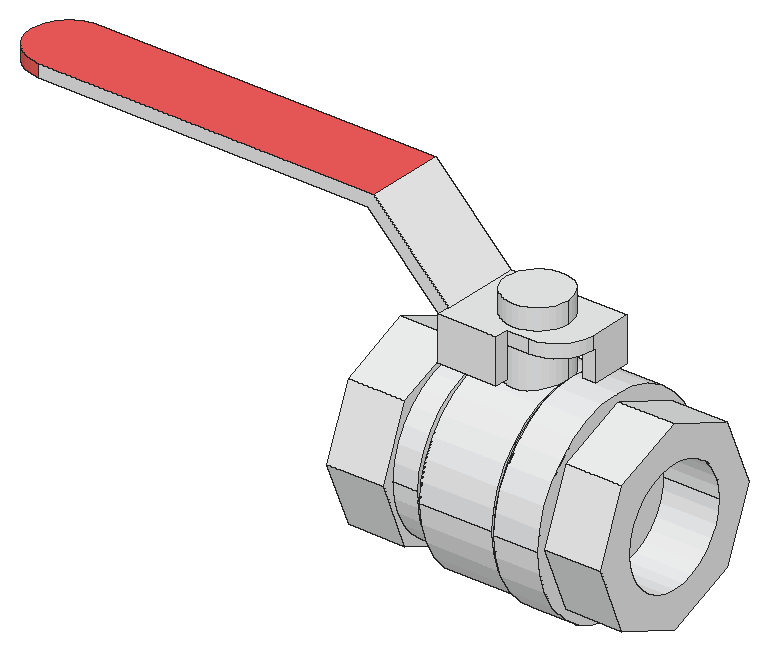
Revit family "Valvula_DeControl_DeBola_TipoPalanca_Grival", category Pipe Accessories, Revit 2020
Family settings
  Round Connector Dimension = Use Diameter
  Part Type = Valve - Breaks Into
  OmniClass Number = 23.27.31.15
  OmniClass Title = Ball Valves
  Work Plane-Based = No
  Always vertical = No
  Cut with Voids When Loaded = No
  Shared = No
Parameters (values of type "797010001 (3/4")")
  Vida útil = "5.000 ciclos a 138 kPa"  # constant formula
  built-in parameter 1114242 [instance] = 1
  URL = ""
  Temperatura de uso = "De 4° C A 16° C (40° F y 61° F)"  # constant formula
  SKU = "797010001"
  Type Comments = ""
  StemDia = 12 mm
  Recubrimientos = "Resistente a la corrosión, pelado y decoloración por agua.\r\nResistente al efecto de jabones y limpiadores de tocador.\r\nRecubrimientos no tóxico.\r\nCondición de servicio recomendada, uso doméstico e institucional."  # constant formula
  Presión de servicio = "Presión de trabajo manométrica máxima del agua 3000 kPa\r\n(345 psi) Presión mínima recomendada 138 kPa (20 psi)."  # constant formula
  Material 2 = Corona_Bronce Rojo
  Material = Corona_Aluminio
  Fecha de creación = "12/03/2021"  # constant formula
  Default Elevation = 0 mm
  DN = DN_2  # 22 mm
  OctAF = OCTAF  # 33 mm
  Creado por = "BIMBAU"  # constant formula
  B = 11 mm
  DN_2 = 22 mm
  OCTAF = 33 mm
  Model = "Válvula Bola Manija Palanca"  # constant formula
  Manufacturer = "Grival"  # constant formula
  Keynote = ""
  Ancho_M = 15 mm
  Espesor_M = 2.5 mm
  M5 = 1 mm
  M4 = 7.5 mm
  M2 = 22.5 mm
  Alto_M = 98 mm
  Alto = 17 mm
  DN_ = DN  # 22 mm
  H = 42.5 mm
  Description = "Para trabajo pesado, presión de trabajo manométrica máxima: 435 PSI"  # constant formula
  Ø Pequeño = 31.5 mm
  Ø_Medio = 37 mm
  L = 53 mm
  Ancho 2D = 38.5 mm
  Ancho_3 = 10 mm
  Ancho_Centro a Tuerca = 15.5 mm
  Ancho_2 = 6 mm
  Alto_3 = Alto_2 - 5 mm  # 23 mm
  Alto_2 = 28 mm
  Assembly Code = ""
Types (7, lengths in mm): name | SKU | StemDia | Material | DN | OctAF | B | DN_2 | OCTAF | Ancho_M | Espesor_M | M5 | M4 | M2 | Alto_M | Alto | DN_ | H | Ø Pequeño | Ø_Medio | L | Ancho 2D | Ancho_3 | Ancho_Centro a Tuerca | Ancho_2 | Alto_3 | Alto_2
  (no name) | "797010001" | 12 | Corona_Aluminio | 22 | 33 | 11 | 22 | 33 | 15 | 2.5 | 1 | 7.5 | 22.5 | 98 | 17 | 22 | 42.5 | 31.5 | 37 | 53 | 38.5 | 10 | 15.5 | 6 | 23 | 28
  797000001 (1/2") | "797000001" | 12 | Corona_Bronce | 15 | 26 | 10.6 | 15 | 26 | 15 | 2.5 | 5 | 7.5 | 22.5 | 98 | 17 | 15 | 39.5 | 24.5 | 28.5 | 47 | 30.5 | 8.5 | 13 | 4 | 19 | 24
  797010001 (3/4") | "797010001" | 12 | Corona_Aluminio | 22 | 33 | 11 | 22 | 33 | 15 | 2.5 | 1 | 7.5 | 22.5 | 98 | 17 | 22 | 42.5 | 31.5 | 37 | 53 | 38.5 | 10 | 15.5 | 6 | 23 | 28
  797020001 (1") | "797020001" | 12 | Corona_Bronce | 28 | 40 | 15 | 28 | 40 | 20.5 | 3.5 | 1 | 10.25 | 29.5 | 131 | 24 | 28 | 56 | 39 | 43.5 | 65 | 46.5 | 11.9 | 17.5 | 6.7 | 28.8 | 33.8
  797030001 (1 1/4") | "797030001" | 14 | Corona_Bronce | 35 | 50 | 14.5 | 35 | 50 | 20.5 | 3.5 | 1 | 10.25 | 29.5 | 131 | 24 | 35 | 62.5 | 47 | 56 | 73 | 58 | 15 | 22 | 10 | 33.7 | 38.7
  797040001 (1 1/2") | "797040001" | 19 | Corona_Bronce | 42 | 56 | 15.2 | 42 | 56 | 25 | 3.5 | 1 | 12.5 | 33 | 162 | 23 | 42 | 67 | 55 | 64 | 71 | 60 | 16.5 | 25.5 | 6.7 | 40.5 | 45.5
  797050001 (2") | "797050001" | 19 | Corona_Bronce | 54 | 67 | 16.8 | 54 | 67 | 25 | 3.5 | 2 | 12.5 | 33 | 162 | 35 | 54 | 91 | 71 | 82 | 98 | 87.5 | 20 | 32 | 6.7 | 49 | 54
Reference planes
  plane 1 "Center (Front/Back)": y = 0
  plane 2: z = 0
  plane 3 "Center (Left/Right)": x = 0
  plane 4: x = -26.5
  plane 5: x = 26.5
  plane 6: x = 6
  plane 7: x = -10
  plane 8 "Body OA Height": z = 28
  plane 9: z = 23
  plane 10: z = 42.5
  plane 11: x = -15.5
  plane 12: x = -46.361
Forms (mm)
  Extrusion 1, solid, material "Corona_Aluminio" <- "Material", detail levels medium+fine
    sketch origin (0, 0, 0) x (0, 1, 0) y (0, 0, 1)
      loop
        circle (0, 0) r 19.25
    from 6 to 15.5
  Extrusion 2, solid, material "Corona_Aluminio" <- "Material", detail levels medium+fine
    sketch origin (0, 0, 0) x (0, 1, 0) y (0, 0, 1)
      loop
        circle (0, 0) r 18.5
    from -10 to 6
  Extrusion 3, solid, material "Corona_Aluminio" <- "Material", detail levels medium+fine
    sketch origin (0, 0, 0) x (0, 1, 0) y (0, 0, 1)
      loop
        circle (0, 0) r 15.75
    from -15.5 to -10
  Sweep 4, void
    path in 3D
      loop
        arc (-10, -18.5, 0) -> (-10, 0, -18.5) -> (-10, 18.5, 0) r 18.5
        arc (-10, 18.5, 0) -> (-10, 0, 18.5) -> (-10, -18.5, 0) r 18.5
    profile origin (-10, 0, 18.5) x (0, 0, 1) y (-1, 0, 0)
      loop
        line (-2, 0) -> (0, -2) -> (0, 0) -> (-2, 0)
  Sweep 5, void
    path in 3D
      loop
        arc (6, -19.25, 0) -> (6, 0, -19.25) -> (6, 19.25, 0) r 19.25
        arc (6, 19.25, 0) -> (6, 0, 19.25) -> (6, -19.25, 0) r 19.25
    profile origin (6, 0, 19.25) x (0, 0, 1) y (-1, 0, 0)
      loop
        line (-1, 0) -> (0, -1) -> (0, 0) -> (-1, 0)
Cuts and joins
  Sweep 5 cuts Extrusion 1
  Sweep 4 cuts Extrusion 2
  joined: Extrusion 1, Extrusion 2
Lines and regions (mm)
  sketch lines
    curve 1: arc (-10, 18.5, 0) -> (-10, 0, 18.5) -> (-10, -18.5, 0) r 18.5
    curve 2: arc (-10, -18.5, 0) -> (-10, 0, -18.5) -> (-10, 18.5, 0) r 18.5
    curve 3: arc (6, 19.25, 0) -> (6, 0, 19.25) -> (6, -19.25, 0) r 19.25
    curve 4: arc (6, -19.25, 0) -> (6, 0, -19.25) -> (6, 19.25, 0) r 19.25
Dimensions and locks
  equal spacing: plane 5, plane 3 "Center (Left/Right)", plane 4
  "L": plane 5 to plane 4
  "Ancho_2": plane 6 to plane 3 "Center (Left/Right)"
  "Ancho_3": plane 3 "Center (Left/Right)" to plane 7
  "Alto_3": plane 9 to level
  "H": plane 10 to level
  "Alto_2": plane 8 "Body OA Height" to level
  "Ancho_Centro a Tuerca": plane 3 "Center (Left/Right)" to plane 11
  "Ancho_Centro a Tuerca": cut or joined group of Extrusion 1, Extrusion 2, Sweep 4, Sweep 5 to plane 3 "Center (Left/Right)"
  "Ancho 2D": diameter of Extrusion 1 sketch curve
  "Ø_Medio": diameter of Extrusion 2 sketch curve
  "Ø Pequeño": diameter of Extrusion 3 sketch curve
  aligned and locked: level to plane 2
  aligned and locked: Extrusion 2 to Extrusion 1
  aligned and locked: Extrusion 3 to Extrusion 2
  aligned and locked: Extrusion 2 to plane 7
  aligned and locked: Extrusion 1 to plane 6
  aligned and locked: cut or joined group of Extrusion 1, Extrusion 2, Sweep 4, Sweep 5 to nested 2
  aligned and locked: plane 11 to nested 1
  aligned and locked: Extrusion 3 to plane 11
  aligned and locked: nested 3 to plane 10
  aligned and locked: plane 3 "Center (Left/Right)" to nested 4
  aligned and locked: nested 4 to plane 1 "Center (Front/Back)"
Automatic sketch dimensions
  profile plane to Sweep 4 sketch curve = 0 mm  (x2)
  Sweep 4 sketch curve to profile plane = 0 mm
  Sweep 4 sketch curve to profile plane = 2 mm
  profile plane to Sweep 4 sketch curve = 2 mm
  profile plane to Sweep 5 sketch curve = 0 mm
  Sweep 5 sketch curve to profile plane = 0 mm
  Sweep 5 sketch curve to profile plane = 1 mm
  Sweep 5 sketch curve to Sweep 5 sketch curve = 1 mm
  Extrusion 1 sketch curve to level = 0 mm
  Extrusion 1 sketch curve to plane 1 "Center (Front/Back)" = 0 mm
  Extrusion 2 sketch curve to level = 0 mm
  Extrusion 2 sketch curve to plane 1 "Center (Front/Back)" = 0 mm
  Extrusion 3 sketch curve to level = 0 mm
  Extrusion 3 sketch curve to plane 1 "Center (Front/Back)" = 0 mm
Nested families
  nested 1: "Conexion_Oct" at (-26.5, 0, 0), type "Octagonal 1", detail levels medium+fine
    with Oct_Thickness 11 mm, Oct_ID 22 mm, Oct_AF 33 mm
  nested 2: "Conexion_Oct" at (15.5, 0, 0), type "Octagonal 2", detail levels medium+fine
    with Oct_Thickness 11 mm, Oct_ID 22 mm, Oct_AF 33 mm
  nested 3: "Manija" at (0, 0, 25.5) x (-1, 0, 0) z (0, 0, 1), type "Palanca", detail levels medium+fine
  nested 4: "2D" at (0, 0, 0), type "2D"
    with Width 38.5 mm, Length 53 mm
Connectors
  piping at (15.5, 0, 0), diameter 22, driven by "DN_"
    settings: on cut or joined group of Extrusion 1, Extrusion 2, Sweep 4, Sweep 5, index 1, connector inside diameter 609.6 mm, connector length 0 mm, flow factor 0, pipe flow 0.0 L/s, pressure drop 0 bar, fitting loss kfactor 0, connector angle 0.00°, fixture units 0, engagement length 0 mm, angle of deflection 0.00°, flow configuration 0, flow direction 0, fitting loss method 0, system type 7, joint type 0, gender type 0, connector reference index -1, connector utility 0, adjustable connector no, is connector primary yes, connector description ""
  piping at (-15.5, 0, 0), diameter 22, driven by "DN_"
    settings: on Extrusion 3, index 2, connector inside diameter 609.6 mm, connector length 0 mm, flow factor 0, pipe flow 0.0 L/s, pressure drop 0 bar, fitting loss kfactor 0, connector angle 0.00°, fixture units 0, engagement length 0 mm, angle of deflection 0.00°, flow configuration 0, flow direction 0, fitting loss method 0, system type 7, joint type 0, gender type 0, connector reference index -1, connector utility 0, adjustable connector no, is connector primary no, connector description ""
Definition of nested family "Conexion_Oct"
  Parameters (values of type "Generic Octagon - Side Elevation")
    Rotation = 22.50°
    Oct_Thickness = 12.5 mm
    Oct_ID = 15 mm
    Oct_AF = 26 mm
    Material = none
    Default Elevation = 0 mm
  Types (2): name
    Generic Octagon - Side Elevation
    Generic Octagon - Side Elevation 2
  Reference planes
    plane 1 "Center (Front/Back)": y = 0
    plane 2: z = 0
    plane 3 "Center (Left/Right)": x = 0
    plane 4: through (0, -118.44, -285.94) normal (0, 0.9239, -0.3827)
    plane 5: through (0, -285.94, -118.44) normal (0, 0.3827, -0.9239)
    plane 6: through (0, -118.44, 285.94) normal (0, -0.9239, -0.3827)
    plane 7: through (0, -285.94, 118.44) normal (0, -0.3827, -0.9239)
    plane 8: through (0, -61.07, 113.466) normal (0, -0.9239, -0.3827)
    plane 9: through (0, 61.07, -113.466) normal (0, 0.9239, 0.3827)
    plane 10: through (0, 37.049, 123.415) normal (0, -0.9239, 0.3827)
    plane 11: through (0, -37.049, -123.415) normal (0, 0.9239, -0.3827)
    plane 12: through (0, 113.466, 61.07) normal (0, -0.3827, 0.9239)
    plane 13: through (0, -113.466, -61.07) normal (0, 0.3827, -0.9239)
    plane 14: through (0, 123.415, -37.049) normal (0, 0.3827, 0.9239)
    plane 15: through (0, -123.415, 37.049) normal (0, -0.3827, -0.9239)
    plane 16: x = 12.5
  Forms (mm)
    Extrusion 1, solid, material <- "Material"
      sketch origin (0, 0, 0) x (0, 1, 0) y (0, 0, 1)
        loop
          line (0, 14.071) -> (-9.95, 9.95) -> (-14.071, 0) -> (-9.95, -9.95) -> (0, -14.071) -> (9.95, -9.95) -> (14.071, 0) -> (9.95, 9.95) -> (0, 14.071)
        loop
          circle (0, 0) r 7.5
      from 0 to 12.5
  Lines and regions (mm)
    reference lines
      curve 1: line (0, 30.47, 107.532) -> (0, 27.192, 99.617)
  Dimensions and locks
    equal spacing: plane 12, plane 5, plane 13
    equal spacing: plane 10, plane 4, plane 11
    equal spacing: plane 14, plane 7, plane 15
    equal spacing: plane 8, plane 6, plane 9
    "Oct_AF": plane 11 to plane 10
    "Oct_AF": plane 14 to plane 15
    "Oct_AF": plane 12 to plane 13
    "Oct_AF": plane 8 to plane 9
    "Oct_Thickness": plane 16 to plane 3 "Center (Left/Right)"
    "Oct_ID": diameter of Extrusion 1 sketch curve
    aligned and locked: level to plane 2
    aligned and locked: plane 16 to Extrusion 1
  Automatic sketch dimensions
    curve 1 to plane 10 = 0 mm  (x2)
    level to curve 1 = 99.617 mm
    level to curve 1 = 107.532 mm
    Extrusion 1 sketch curve to level = 0 mm  (x3)
    plane 8 to Extrusion 1 sketch curve = 0 mm  (x2)
    Extrusion 1 sketch curve to plane 10 = 0 mm
    Extrusion 1 sketch curve to plane 12 = 0 mm  (x2)
    plane 15 to Extrusion 1 sketch curve = 0 mm
    Extrusion 1 sketch curve to plane 1 "Center (Front/Back)" = 0 mm  (x3)
    plane 11 to Extrusion 1 sketch curve = 0 mm
    plane 13 to Extrusion 1 sketch curve = 0 mm  (x2)
    Extrusion 1 sketch curve to plane 9 = 0 mm  (x2)
    Extrusion 1 sketch curve to plane 14 = 0 mm
Definition of nested family "Manija"
  Parameters (values of type "Palanca")
    Stem_Dia = 12 mm
    Stem Height from Below Lower Platform = 1 mm
    Rad = Handle_Width / 2  # 7.5 mm
    Material_Handle = none
    Material_Coat = none
    Handle_Width = 15 mm
    Handle_Thickness = 2.5 mm
    Handle_Lug Lenght = 17 mm
    Handle_Lower Platform Length = 22.5 mm
    Handle_Centre to End = 98 mm
    Handle_Below Lower Platform to Top = 17 mm
    Default Elevation = 0 mm
  Reference planes
    plane 1 "Center (Front/Back)": y = 0
    plane 2: z = 0
    plane 3 "Center (Left/Right)": x = 0
    plane 4: x = 11.25
    plane 5: x = -11.25
    plane 6: y = 7.5
    plane 7: y = -7.5
    plane 8: z = 2.5
    plane 9: x = 98
    plane 10: z = 17
    plane 11: z = 14.5
    plane 12: z = -17
    plane 13: x = 90.5
    plane 14: x = 102.5
    plane 15: y = 15
    plane 16: y = -15
    plane 17: z = 1
    plane 18: y = 10
    plane 19: x = -8.75
    plane 20: z = -3.75
    plane 21: x = 5.625
    plane 22: y = 8.5
    plane 23: y = -8.5
    plane 24: x = 28
    plane 25: x = 90.5
    plane 26: z = 6.5
  Forms (mm)
    Extrusion 1, solid, material <- "Material_Handle"
      sketch origin (0, 0, 0) x (1, 0, 0) y (0, 1, 0)
        loop
          arc (-4.25, 7.5) -> (-9.2, 5.45) -> (-11.25, 0.5) r 7
          line (-11.25, 0.5) -> (-11.25, -7.5) -> (11.25, -7.5) -> (11.25, 7.5) -> (-4.25, 7.5)
      from 0 to 2.5
    Extrusion 2, solid, material <- "Material_Handle"
      sketch origin (0, 0, 0) x (1, 0, 0) y (0, 0, 1)
        loop
          line (11.25, 2.5) -> (11.25, 0) -> (12.286, 0) -> (26.786, 14.5) -> (98, 14.5) -> (98, 17) -> (25.75, 17) -> (11.25, 2.5)
      from -7.5 to 7.5
    Extrusion 3, void
      sketch origin (0, 0, 0) x (1, 0, 0) y (0, 1, 0)
        loop
          arc (90.5, 7.5) -> (98, 0) -> (90.5, -7.5) r 7.5
          line (90.5, -7.5) -> (90.5, -15) -> (105.5, -15) -> (105.5, 15) -> (90.5, 15) -> (90.5, 7.5)
      from 14.5 to 17
    Extrusion 4, solid, material <- "Material_Handle"
      sketch origin (0, 0, 0) x (1, 0, 0) y (0, 1, 0)
        loop
          circle (0, 0) r 6
      from 6.5 to -17
    Extrusion 5, solid, material <- "Material_Handle"
      sketch origin (0, 0, 0) x (1, 0, 0) y (0, 1, 0)
        loop
          line (-11.25, 0) -> (-11.25, -7.5) -> (-8.75, -7.5) -> (-8.75, 0) -> (-11.25, 0)
        loop
          line (11.25, 10) -> (0, 10) -> (0, 7.5) -> (11.25, 7.5) -> (11.25, 10)
      from -6 to 2.5
  Cuts and joins
    Extrusion 3 cuts Extrusion 2
    joined: Extrusion 1, Extrusion 2, Extrusion 4, Extrusion 5
  Lines and regions (mm)
    Split face 1
      outline origin (11.25, -7.5, 2.5) x (-0.707107, 0, -0.707107) y (0.707107, 0, -0.707107)
        loop
          line (-19.471, 2.5) -> (-20.506, 0)
    Split face 2
      outline origin (11.25, 7.5, 2.5) x (0.707107, 0, 0.707107) y (0.707107, 0, -0.707107)
        loop
          line (19.471, 2.5) -> (20.506, 0)
  Dimensions and locks
    equal spacing: plane 5, plane 3 "Center (Left/Right)", plane 4
    "Handle_Lower Platform Length": plane 5 to plane 4
    equal spacing: plane 6, plane 1 "Center (Front/Back)", plane 7
    "Handle_Width": plane 6 to plane 7
    "Handle_Thickness": plane 8 to level
    "Handle_Centre to End": plane 3 "Center (Left/Right)" to plane 9
    "Handle_Below Lower Platform to Top": plane 10 to level
    "Handle_Thickness": plane 10 to plane 11
    "Handle_Thickness": Extrusion 2 sketch curve to Extrusion 2 sketch curve
    "Handle_Lug Lenght": level to plane 12
    "Rad": plane 7 to plane 16
    "Rad": plane 15 to plane 6
    "Rad": Extrusion 2 to Extrusion 3 sketch curve
    "Stem Height from Below Lower Platform": plane 17 to level
    "Handle_Thickness": plane 18 to plane 6
    "Handle_Thickness": plane 5 to plane 19
    "Rad": plane 13 to plane 9
    plane 3 "Center (Left/Right)" to plane 24 = 28 mm
    locked: plane 26 to plane 2 at 6.5
    "Stem_Dia": diameter of Extrusion 4 sketch curve
    aligned and locked: level to plane 2
    aligned and locked: plane 5 to Extrusion 1 sketch curve
    aligned and locked: plane 7 to Extrusion 1 sketch curve
    aligned and locked: Extrusion 1 sketch curve to plane 4
    aligned and locked: Extrusion 1 sketch curve to plane 6
    aligned and locked: plane 8 to Extrusion 1
    aligned and locked: plane 6 to Extrusion 2
    aligned and locked: Extrusion 2 to plane 7
    aligned and locked: Extrusion 3 to plane 11
    aligned and locked: Extrusion 3 to plane 10
    aligned and locked: plane 5 to Extrusion 5 sketch curve
    aligned and locked: plane 7 to Extrusion 5 sketch curve
    aligned and locked: plane 1 "Center (Front/Back)" to Extrusion 5 sketch curve
    aligned and locked: Extrusion 5 sketch curve to plane 6
    aligned and locked: plane 4 to Extrusion 5 sketch curve
    aligned and locked: Extrusion 5 sketch curve to plane 3 "Center (Left/Right)"
    aligned and locked: Extrusion 5 sketch curve to plane 19
    aligned and locked: Extrusion 5 sketch curve to plane 18
    aligned and locked: plane 8 to Extrusion 5
    aligned and locked: Extrusion 4 to plane 12
    aligned and locked: plane 26 to Extrusion 4
  Automatic sketch dimensions
    Extrusion 1 sketch curve to plane 1 "Center (Front/Back)" = 0.5 mm
    Split face 1 sketch curve to cut or joined group of Extrusion 1, Extrusion 2, Extrusion 3, Extrusion 4, Extrusion 5 = 0 mm  (x4)
    Split face 2 sketch curve to cut or joined group of Extrusion 1, Extrusion 2, Extrusion 3, Extrusion 4, Extrusion 5 = 0 mm  (x3)
    cut or joined group of Extrusion 1, Extrusion 2, Extrusion 3, Extrusion 4, Extrusion 5 to Split face 2 sketch curve = 0 mm
    Extrusion 2 sketch curve to level = 0 mm
    Extrusion 2 sketch curve to plane 4 = 0 mm
    Extrusion 2 sketch curve to plane 10 = 0 mm
    Extrusion 2 sketch curve to plane 11 = 0 mm
    plane 9 to Extrusion 2 sketch curve = 0 mm
    Extrusion 2 sketch curve to plane 8 = 0 mm
    Extrusion 2 sketch curve to Extrusion 2 sketch curve = 1.036 mm
    Extrusion 3 sketch curve to plane 6 = 0 mm
    Extrusion 3 sketch curve to plane 13 = 0 mm
    Extrusion 3 sketch curve to plane 16 = 0 mm
    Extrusion 3 sketch curve to plane 7 = 0 mm
    Extrusion 3 sketch curve to plane 15 = 0 mm
    plane 1 "Center (Front/Back)" to Extrusion 4 sketch curve = 0 mm
    Extrusion 4 sketch curve to plane 3 "Center (Left/Right)" = 0 mm
Definition of nested family "2D"
  Parameters (values of type "Family1")
    Width = 60 mm
    Length = 71 mm
    Circle = 19.25 mm
  Reference planes
    plane 1 "Center (Front/Back)": y = 0
    plane 2: z = 0
    plane 3 "Center (Left/Right)": x = 0
    plane 4: x = -35.5
    plane 5: x = 35.5
    plane 6: y = 30
    plane 7: y = -30
    plane 8: y = 0
    plane 9: x = 0
  Lines and regions (mm)
    detail lines, in view "Ref. Level", detail levels coarse
      curve 1: line (-35.5, -30, 0) -> (-35.5, 30, 0)
      curve 2: circle (0, 0, 0) r 9.625 normal (0, 0, 1)
    detail lines, in view "Ref. Level"
      curve 3: line (35.5, 30, 0) -> (35.5, -30, 0)
      curve 4: line (-35.5, -30, 0) -> (35.5, 30, 0)
      curve 5: line (-35.5, 30, 0) -> (35.5, -30, 0)
  Dimensions and locks
    equal spacing: plane 4, plane 3 "Center (Left/Right)", plane 5
    "Length": plane 4 to plane 5
    equal spacing: plane 6, plane 1 "Center (Front/Back)", plane 7
    "Width": plane 6 to plane 7
    "Circle": diameter of curve 2
    aligned and locked: plane 3 "Center (Left/Right)" to plane 9
    aligned and locked: plane 8 to plane 1 "Center (Front/Back)"
    aligned and locked: plane 7 to curve 1
    aligned and locked: plane 6 to curve 1
    aligned and locked: plane 6 to curve 3
    aligned and locked: curve 3 to plane 5
    aligned and locked: curve 4 to curve 1
    aligned and locked: curve 1 to curve 5
  Automatic sketch dimensions
    plane 7 to curve 4 = 0 mm
    plane 7 to curve 5 = 0 mm
    curve 5 to plane 6 = 0 mm
    curve 1 to plane 4 = 0 mm
    plane 1 "Center (Front/Back)" to curve 2 = 0 mm
    curve 2 to plane 3 "Center (Left/Right)" = 0 mm
